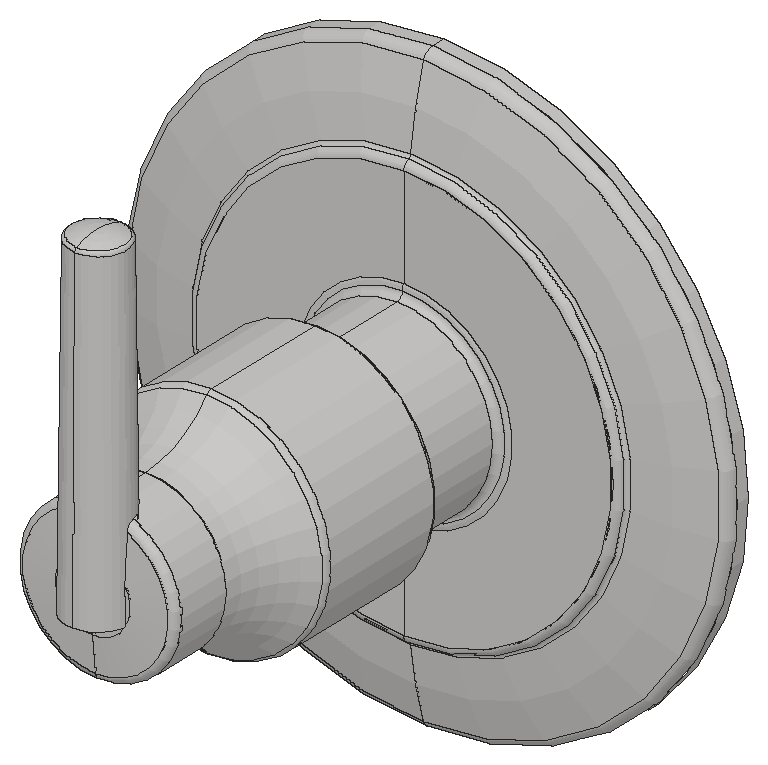
Revit family "Delta Bath Trinsic 11859", category Plumbing Fixtures, host Wall, Revit 2013
Parameters (values of type "Delta Bath Trinsic 11859")
  URL = "http://www.deltafaucet.com "
  Tap = Stainless Steel
  Model = "11859"
  Manufacturer = "Delta"
  Depth = 0' - 3 31/128"
Reference planes (in)
  plane 1: y = 0
  plane 2 "Center (Left/Right)": x = 0
  plane 3 "Wall Edge": y = 3
  plane 4: y = -3
Forms (in)
  Revolve 1, solid, material "Stainless Steel" <- "Tap"
    sketch origin (0, 0.78942, -38.06497) x (0, 1, 0) y (0, 0, 1)
      loop
        arc (-4.09142, 69.69252) -> (-4.09836, 69.67515) -> (-4.11423, 69.66527) r 0.03
        arc (-4.11423, 69.66527) -> (-4.1468, 69.6445) -> (-4.15996, 69.60818) r 0.06
        line (-4.15996, 69.60818) -> (-4.15996, 68.06699) -> (-3.78942, 68.06699) -> (-3.78942, 70.31698) -> (-3.88771, 70.31699)
        arc (-3.88771, 70.31699) -> (-3.93919, 70.30081) -> (-3.97217, 70.25809) r 0.09
        arc (-3.97217, 70.25809) -> (-4.05233, 69.97964) -> (-4.09142, 69.69252) r 2
      axis (-4.15996, 68.06699) -> (-3.78942, 68.06699)
    angle from 0 to 360
  Revolve 2, solid, material "Stainless Steel" <- "Tap"
    sketch origin (0, 0, -38.06497) x (0, 1, 0) y (0, 0, 1)
      loop
        line (-4.17, 68.76699) -> (-4.17, 68.06699) -> (-3.37054, 68.06699) -> (-3.37054, 68.86469)
        arc (-3.37054, 68.86469) -> (-3.37761, 68.8413) -> (-3.38, 68.81699) r 0.125
        arc (-3.38, 68.81699) -> (-3.39464, 68.78163) -> (-3.43, 68.76699) r 0.05
        line (-3.43, 68.76699) -> (-4.17, 68.76699)
      axis (-4.17, 68.06699) -> (-3.37054, 68.06699)
    angle from 0 to 360
  Revolve 3, solid, material "Stainless Steel" <- "Tap"
    sketch origin (0, 0, -38.06497) x (0, 1, 0) y (0, 0, 1)
      loop
        line (-4.17, 68.06699) -> (-5.75379, 68.06699) -> (-5.75379, 67.47699)
        arc (-5.75379, 67.47699) -> (-5.44138, 67.40785) -> (-5.18731, 67.21335) r 0.74042
        arc (-5.18731, 67.21335) -> (-5.16673, 67.19759) -> (-5.14141, 67.19199) r 0.06
        line (-5.14141, 67.19199) -> (-4.185, 67.19199)
        arc (-4.185, 67.19199) -> (-4.17113, 67.20426) -> (-4.17, 67.22274) r 0.0242
        line (-4.17, 67.22274) -> (-4.17, 68.06699)
      axis (-5.75379, 68.06699) -> (-4.17, 68.06699)
    angle from 0 to 360
  Revolve 4, solid, material "Stainless Steel" <- "Tap"
    sketch origin (0, 0, -38.06497) x (0, 1, 0) y (0, 0, 1)
      loop
        line (-6.195, 70.46699) -> (-6.195, 67.92526) -> (-5.95599, 67.92526) -> (-5.9823, 70.39822)
        arc (-5.9823, 70.39822) -> (-5.9872, 70.41434) -> (-6.00002, 70.42528) r 0.03
        arc (-6.00002, 70.42528) -> (-6.09531, 70.45644) -> (-6.195, 70.46699) r 0.47656
      axis (-6.195, 70.46699) -> (-6.195, 67.92526)
    angle from 0 to 360
  Revolve 5, solid, material "Stainless Steel" <- "Tap"
    sketch origin (0, 0, -38.06497) x (0, 1, 0) y (0, 0, 1)
      loop
        line (-6.16043, 67.47699) -> (-5.75379, 67.47699) -> (-5.75379, 68.06699) -> (-6.24221, 68.06699) -> (-6.24221, 67.79286) -> (-6.22006, 67.53031)
        arc (-6.22006, 67.53031) -> (-6.20043, 67.49226) -> (-6.16043, 67.47699) r 0.06
      axis (-6.24221, 68.06699) -> (-5.75379, 68.06699)
    angle from 0 to 360
  Revolve 6, solid, material "Stainless Steel" <- "Tap", not visible
    sketch origin (0, 0.78942, -38.06497) x (0, 1, 0) y (0, 0, 1)
      loop
        arc (-4.09142, 69.69252) -> (-4.09836, 69.67515) -> (-4.11423, 69.66527) r 0.03
        arc (-4.11423, 69.66527) -> (-4.1468, 69.6445) -> (-4.15996, 69.60818) r 0.06
        line (-4.15996, 69.60818) -> (-4.15996, 68.06699) -> (-3.78942, 68.06699) -> (-3.78942, 70.31698) -> (-3.88771, 70.31699)
        arc (-3.88771, 70.31699) -> (-3.93919, 70.30081) -> (-3.97217, 70.25809) r 0.09
        arc (-3.97217, 70.25809) -> (-4.05233, 69.97964) -> (-4.09142, 69.69252) r 2
      axis (-4.15996, 68.06699) -> (-3.78942, 68.06699)
    angle from 0 to 360
  Revolve 7, solid, material "Stainless Steel" <- "Tap", not visible
    sketch origin (0, 0, -38.06497) x (0, 1, 0) y (0, 0, 1)
      loop
        line (-4.17, 68.76699) -> (-4.17, 68.06699) -> (-3.37054, 68.06699) -> (-3.37054, 68.86469)
        arc (-3.37054, 68.86469) -> (-3.37761, 68.8413) -> (-3.38, 68.81699) r 0.125
        arc (-3.38, 68.81699) -> (-3.39464, 68.78163) -> (-3.43, 68.76699) r 0.05
        line (-3.43, 68.76699) -> (-4.17, 68.76699)
      axis (-4.17, 68.06699) -> (-3.37054, 68.06699)
    angle from 0 to 360
  Revolve 8, solid, material "Stainless Steel" <- "Tap", not visible
    sketch origin (0, 0, -38.06497) x (0, 1, 0) y (0, 0, 1)
      loop
        line (-4.17, 68.06699) -> (-5.75379, 68.06699) -> (-5.75379, 67.47699)
        arc (-5.75379, 67.47699) -> (-5.44138, 67.40785) -> (-5.18731, 67.21335) r 0.74042
        arc (-5.18731, 67.21335) -> (-5.16673, 67.19759) -> (-5.14141, 67.19199) r 0.06
        line (-5.14141, 67.19199) -> (-4.185, 67.19199)
        arc (-4.185, 67.19199) -> (-4.17113, 67.20426) -> (-4.17, 67.22274) r 0.0242
        line (-4.17, 67.22274) -> (-4.17, 68.06699)
      axis (-5.75379, 68.06699) -> (-4.17, 68.06699)
    angle from 0 to 360
  Revolve 9, solid, material "Stainless Steel" <- "Tap", not visible
    sketch origin (0, 0, -38.06497) x (0, 1, 0) y (0, 0, 1)
      loop
        line (-6.195, 70.46699) -> (-6.195, 67.92526) -> (-5.95599, 67.92526) -> (-5.9823, 70.39822)
        arc (-5.9823, 70.39822) -> (-5.9872, 70.41434) -> (-6.00002, 70.42528) r 0.03
        arc (-6.00002, 70.42528) -> (-6.09531, 70.45644) -> (-6.195, 70.46699) r 0.47656
      axis (-6.195, 70.46699) -> (-6.195, 67.92526)
    angle from 0 to 360
  Revolve 10, solid, material "Stainless Steel" <- "Tap", not visible
    sketch origin (0, 0, -38.06497) x (0, 1, 0) y (0, 0, 1)
      loop
        line (-6.16043, 67.47699) -> (-5.75379, 67.47699) -> (-5.75379, 68.06699) -> (-6.24221, 68.06699) -> (-6.24221, 67.79286) -> (-6.22006, 67.53031)
        arc (-6.22006, 67.53031) -> (-6.20043, 67.49226) -> (-6.16043, 67.47699) r 0.06
      axis (-6.24221, 68.06699) -> (-5.75379, 68.06699)
    angle from 0 to 360
Text (in)
  text "Placement Side" at (0, 40.15149, 123.01588), in view "Right"
  text "Placement Side" at (-70.3804, 28.46503, 0), in view "Ref. Level"
  text "Placement Side" at (0, 81.62555, 140.59947), in view "Left"
Dimensions and locks (in)
  locked: plane 3 "Wall Edge" to host wall
  aligned and locked: plane 4 to host wall
  aligned and locked: plane 4 to Revolve 1
Connectors (in)
  piping at (0, -3, 30.00202)
    settings: on Revolve 1, index 1, connector radius 12", flow factor 0, pipe flow 0 GPM, pressure drop 0.00 psi, fitting loss kfactor 0, connector angle 0.00°, fixture units 0, engagement length 0' - 0", flow configuration 0, flow direction 0, fitting loss method 0, system type 19, joint type 0, gender type 0, connector reference index -1, connector utility 0, adjustable connector no, is connector primary yes, fitting loss table "", connector description ""
